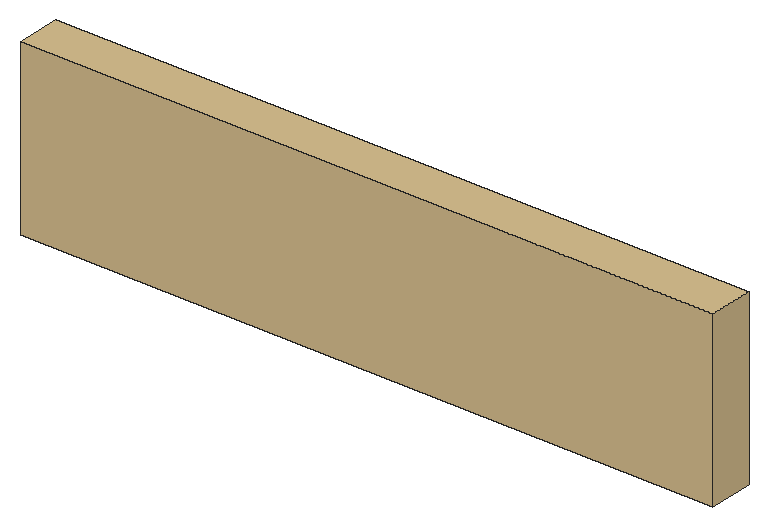
Revit family "STC_A3-Beam-Glulam-Western-Species-(M)", category Structural Framing, Revit 2016
Family settings
  Section Shape = Not Defined
  Material for Model Behavior = Wood
  Always export as geometry = No
  Always vertical = Yes
  Cut with Voids When Loaded = No
  Symbolic Representation = From Project Settings
  Shared = No
  Show family pre-cut in plan views = Yes
Parameters (values of type "79X305")
  Structural Material [instance] = Wood - Dimensional Lumber
  Start Extension Calculation [instance] = 3000 mm + Start Extension  # 3000 mm
  Start Extension [instance] = 0 mm
  Length [instance] = 1524 mm
  b = 79 mm
  d = 305 mm
  End Extension Calculation [instance] = 3000 mm + End Extension  # 3000 mm
  End Extension [instance] = 0 mm
  Angle [instance] = 0.00°
Types (3, lengths in mm): name | b | d
  (no name) | 79 | 305
  79X305 | 79 | 305
  130X381 | 130 | 381
Reference planes
  plane 1 "Center (Front/Back)": y = 0
  plane 2: z = 0
  plane 3 "Center (Left/Right)": x = 4.61
  plane 4 "Member Left": x = -604.99
  plane 5 "Member Right": x = 614.21
  plane 6: y = 39.5
  plane 7: y = -39.5
  plane 8: z = 152.5
  plane 9: z = -152.5
  plane 10 "Left": x = -757.39
  plane 11 "Stick Symbol Left": x = -452.59
  plane 12 "Stick Symbol Right": x = 461.81
  plane 13 "Right": x = 766.61
  plane 14: x = -604.99
  plane 15: x = 614.21
  plane 16: x = 2395.01
  plane 17: x = -2385.79
Forms (mm)
  Sweep 1, solid, material "Wood - Dimensional Lumber" <- "Structural Material", detail levels medium+fine
    path origin (0, 0, 0) x (1, 0, 0) y (0, 1, 0)
      loop
        line (614.21, 0) -> (-604.99, 0)
    profile "M_Rectangular Wood Beam-Profile : M_Rectangular Wood Beam-Profile" origin (4.61, 0, 0) x (0, -1, 0) y (0, 0, 1)
      loop
        line (-39.5, -152.5) -> (39.5, -152.5) -> (39.5, 152.5) -> (-39.5, 152.5) -> (-39.5, -152.5)
Lines and regions (mm)
  reference lines
    curve 1: line (4.61, 0, 0) -> (4.61, 0, 75)
  symbolic lines, style "Stick Symbols", detail levels coarse
    curve 2: line (4.61, 39.5, 152.5) -> (4.61, -39.5, 152.5)
    curve 3: line (4.61, -39.5, -152.5) -> (4.61, 39.5, -152.5)
    curve 4: line (4.61, -39.5, 152.5) -> (4.61, -39.5, -152.5)
    curve 5: line (4.61, 39.5, -152.5) -> (4.61, 39.5, 152.5)
Dimensions and locks
  "b": plane 6 to plane 7
  "d": plane 9 to plane 8
  equal spacing: plane 9, plane 2, plane 8
  equal spacing: plane 6, plane 1 "Center (Front/Back)", plane 7
  "Length": plane 10 "Left" to plane 13 "Right"
  locked: plane 17 to plane 5 "Member Right" at 3000
  locked: plane 4 "Member Left" to plane 16 at 3000
  "Start Extension Calculation": plane 14 to plane 16
  "End Extension Calculation": plane 17 to plane 15
  "Angle": angle plane 1 "Center (Front/Back)" to curve 1
  aligned and locked: Sweep 1 sketch curve to plane 1 "Center (Front/Back)"
  aligned and locked: curve 2 to Sweep 1
  aligned and locked: curve 3 to Sweep 1
  aligned and locked: curve 4 to Sweep 1
  aligned and locked: curve 5 to Sweep 1
  aligned and locked: plane 14 to Sweep 1 sketch curve
  aligned and locked: plane 15 to Sweep 1 sketch curve
Automatic sketch dimensions
  curve 1 to level = 0 mm
  curve 1 to plane 1 "Center (Front/Back)" = 0 mm
